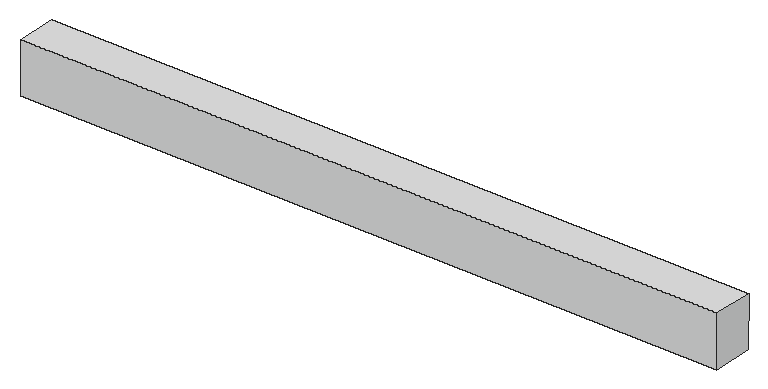
Revit family "Lighting-Surface-Amerlux-Linea 2.5 ", category Lighting Fixtures, host Face, Revit 2019
Family settings
  Host = Face
  Round Connector Dimension = Use Diameter
  Part Type = Normal
  Cut with Voids When Loaded = No
  Light Source = Yes
  Shared = No
  Room Calculation Point = No
Parameters (values of type "Linea 2.5" Surface")
  Width = 0' - 2 11/16"
  Wattage = 9.2903 W
  built-in parameter 1150110 = 1 (stored number, unit not read)
  Voltage = 0 V
  URL = "http://www.amerlux.com/"
  built-in parameter 1114217 = 1 (stored number, unit not read)
  Tilt Angle = -90.00°
  built-in parameter 1150109 = 1 (stored number, unit not read)
  built-in parameter 1150134 = 3
  built-in parameter 1150113 = 1 (stored number, unit not read)
  Right Cable [instance] = yes
  Power Factor = 1
  Photometric Web File = "Load File"
  Number of Poles = 1
  built-in parameter 1150142 = (empty or 0)
  Model = "Lin2.5 Surface"
  Manufacturer = "Amerlux"
  built-in parameter 1150105 = 109.82 (stored number, unit not read)
  Lumens = 1380 lm
  built-in parameter 1150115 = 1 (stored number, unit not read)
  built-in parameter 1150137 = (empty or 0)
  built-in parameter 1150139 = (empty or 0)
  Length = 4' - 0"
  Left Cable [instance] = yes
  built-in parameter 1150112 = 1 (stored number, unit not read)
  built-in parameter 1150114 = 1 (stored number, unit not read)
  built-in parameter 1150132 = (empty or 0)
  built-in parameter 1150102 = (empty or 0)
  built-in parameter 1150107 = 3200 (stored number, unit not read)
  built-in parameter 1150138 = (empty or 0)
  built-in parameter 1150106 = 1.0982 (stored number, unit not read)
  Fixture Finish = Aluminum Finish
  Emit from Line Length = Length  # 4' - 0"
  built-in parameter 1150104 = 13.8 (stored number, unit not read)
  Dimming Lamp Color Temperature Shift = <None>
  Description = "Linear Direct LED"
  Default Elevation = 4' - 0"
  Color Filter = 16777215
  built-in parameter 1114218 = 1 (stored number, unit not read)
  built-in parameter 1150133 = 10 (stored number, unit not read)
  Apparent Load = 0 VA
Reference planes (in)
  plane 1 "Center (Front/Back)": y = 0
  plane 2: z = 0
  plane 3 "Center (Left/Right)": x = 0
  plane 4: y = -1.34375
  plane 5: y = 1.34375
  plane 6: z = 0
  plane 7: x = -24
  plane 8: x = 24
Forms (in)
  Extrusion 1, solid, material "Aluminum Finish" <- "Fixture Finish"
    sketch origin (0, 0, 0) x (0, 1, 0) y (0, 0, 1)
      loop
        line (1.34375, 3.5) -> (-1.34375, 3.5) -> (-1.34375, 0) -> (1.34375, 0) -> (1.34375, 3.5)
    from -24 to 24
Dimensions and locks (in)
  plane 6 to host face = 0' - 0"
  equal spacing: plane 5, plane 1 "Center (Front/Back)", plane 4
  "Width": plane 5 to plane 4
  equal spacing: plane 7, plane 3 "Center (Left/Right)", plane 8
  "Length": plane 7 to plane 8
  locked: Extrusion 1 sketch curve to Extrusion 1 sketch curve at 3.5
  imposter light to host face = 0' - 3 1/2"
  aligned and locked: plane 2 to host face
  aligned and locked: level to host face
  aligned and locked: Extrusion 1 to plane 7
  aligned and locked: plane 8 to Extrusion 1
  aligned and locked: plane 5 to Extrusion 1 sketch curve
  aligned and locked: Extrusion 1 sketch curve to plane 6
  aligned and locked: Extrusion 1 sketch curve to plane 4
  aligned and locked: imposter light to Extrusion 1
Automatic sketch dimensions
  host sketch curve to host sketch curve = 8' - 0"  (x2)
Connectors (in)
  electrical at (24, 0, 1.75), driven by "Number of Poles", driven by "Voltage", driven by "Apparent Load", driven by "Power Factor"
    settings: on Extrusion 1, index 1, voltage 0 V, apparent load 0 VA, apparent load phase1 0 VA, apparent load phase2 0 VA, apparent load phase3 0 VA, power factor 1, load classification "Other", number of poles 1, system type 31, power factor state 1, is connector primary yes, connector utility no, sub classification motor no, connector description "Power"
